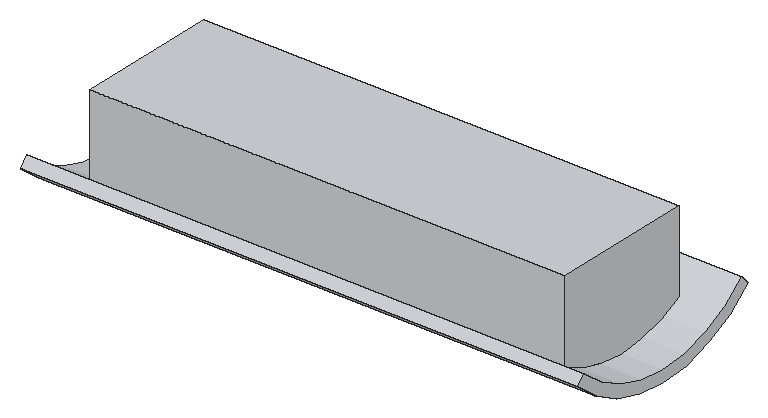
Revit family "462e9ad3b2a64391ba4112ecb8f73cee", category Air Terminals, Revit 2021
Family settings
  Round Connector Dimension = Use Diameter
  Part Type = Normal
  Work Plane-Based = No
  Always vertical = Yes
  Cut with Voids When Loaded = No
  Shared = No
  Room Calculation Point = No
Parameters (values of type "Standard")
  Width 4 = Duct Height * 0.25 * tan(asin(Duct Height * 0.25 / Radius 2) * 0.5)  # 0' - 0.08772"
  Width 2 = Panel Thickness * sin(Angle 3 * 0.5)  # 0' - 0.17308"
  Width 1 = Duct Height * 0.25  # 0' - 0 3/4"
  Radius 2 = Radius 1 + Panel Thickness  # 0' - 3 1/4"
  Radius 1 = Duct Diameter * 0.5  # 0' - 3"
  Radius = (Duct Height * 0.5) / cos(Angle 1) / sin(Angle 1)  # 0' - 3.18382"
  Pressure Drop [instance] = 0.017 in-wg
  Panel Thickness = 0' - 0 1/4"  # constant formula
  Length 1 = Duct Width * 0.25  # 0' - 2 1/2"
  Width 3 = Duct Height * 0.5 * tan(asin(Duct Height * 0.5 / Radius 2) * 0.5)  # 0' - 0.36686"
  Height 1 = if(Height > Grille Height - Panel Thickness, Height + 0' 1", Grille Height)  # 0' - 2 3/8"
  Height = Duct Height * 0.5 * tan(asin(Duct Height * 0.5 / (Duct Diameter * 0.5 - Panel Thickness)) * 0.5)  # 0' - 0.44511"
  Grille Material = none
  Duct Width = 10"
  Duct Height = 3"
  Grille Width = Duct Height + 0' 1 1/2"  # 0' - 4 1/2"
  Duct Diameter = 0' - 6"
  Grille Length = Duct Width + 0' 1 3/4"  # 0' - 11 3/4"
  Grille Height = 0' - 2 3/8"  # constant formula
  Default Elevation = 0' - 0"
  Angle 3 = asin((Grille Width * 0.5) / Radius 2) * 2  # 87.6261°
  Angle 2 = atan(Width 3 / (Duct Height * 0.5)) * 4  # 54.9729°
  Angle 1 = atan((Grille Height - Panel Thickness) / (Duct Height * 0.5))  # 54.7824°
  Air Flow [instance] = 300 CFM
Reference planes (in)
  plane 1 "Center (Front/Back)": y = 0
  plane 2: z = 0
  plane 3 "Center (Left/Right)": x = 0
  plane 4: z = 2.125
  plane 5: z = -0.25
  plane 6: x = -5
  plane 7: x = 5
  plane 8: y = 1.5
  plane 9: y = -1.5
  plane 10: z = 3
  plane 11: x = 5.875
  plane 12: x = -5.875
  plane 13: y = 2.25
  plane 14: y = -2.25
  plane 15: x = -2.5
  plane 16: x = 2.5
  plane 17: y = 0.75
  plane 18: y = -0.75
  plane 19: z = 0.11686
  plane 20: z = 0.1914
  plane 21: z = -0.16228
  plane 22: z = 0.44511
  plane 23: y = 2.07692
  plane 24: y = -2.07692
Forms (in)
  Extrusion 1, solid, material <- "Grille Material"
    sketch origin (5, -180, 102.71882) x (0, 0, 1) y (0, -1, 0)
      loop
        line (-100.59382, -181.5) -> (-100.59382, -178.5) -> (-102.3169, -178.5)
        arc (-102.3169, -178.5) -> (-102.71882, -180) -> (-102.3169, -181.5) r 3
        line (-102.3169, -181.5) -> (-100.59382, -181.5)
    from -10 to 0
  Extrusion 2, solid, material <- "Grille Material"
    sketch origin (5, -180, 102.71882) x (0, 0, 1) y (0, -1, 0)
      loop
        line (-102.0644, -182.24962) -> (-101.88398, -182.07656)
        arc (-101.88398, -182.07656) -> (-102.71882, -179.99949) -> (-101.88328, -177.92271) r 3
        line (-101.88328, -177.92271) -> (-102.06366, -177.74962)
        arc (-102.06366, -177.74962) -> (-102.96882, -179.99947) -> (-102.0644, -182.24962) r 3.25
    from -10.875 to 0.875
Cuts and joins
  joined: Extrusion 1, Extrusion 2
Lines and regions (in)
  model lines
    curve 1: arc (2.5, 1.5, 0.11686) -> (2.5, 0, -0.25) -> (2.5, -1.5, 0.11686) r 3.25
    curve 2: arc (5, 1.5, 0.11686) -> (5, 0, -0.25) -> (5, -1.5, 0.11686) r 3.25
    curve 3: line (-5, 0, -0.25) -> (5, 0, -0.25)
    curve 4: line (-5, 0.75, -0.16228) -> (5, 0.75, -0.16228)
    curve 5: line (-5, -0.75, -0.16228) -> (5, -0.75, -0.16228)
    curve 6: line (5, 1.5, 0.11686) -> (-5, 1.5, 0.11686)
    curve 7: line (5, -1.5, 0.11686) -> (-5, -1.5, 0.11686)
    curve 18: arc (0, -1.5, 0.11686) -> (0, 0, -0.25) -> (0, 1.5, 0.11686) r 3.25
    curve 19: arc (-2.5, -1.5, 0.11686) -> (-2.5, 0, -0.25) -> (-2.5, 1.5, 0.11686) r 3.25
    curve 20: arc (-5, 1.5, 0.11686) -> (-5, 0, -0.25) -> (-5, -1.5, 0.11686) r 3.25
  symbolic lines
    curve 8: line (-5, 0, 0.11686) -> (5, 0, 0.11686)
    curve 9: line (-5, 0.75, 0.11686) -> (5, 0.75, 0.11686)
    curve 10: line (-5, -0.75, 0.11686) -> (5, -0.75, 0.11686)
    curve 11: line (0, 1.5, 0.11686) -> (0, -1.5, 0.11686)
    curve 12: line (2.5, 1.5, 0.11686) -> (2.5, -1.5, 0.11686)
    curve 13: line (-2.5, 1.5, 0.11686) -> (-2.5, -1.5, 0.11686)
    curve 14: line (-5.875, 2.25, 0.11686) -> (5.875, 2.25, 0.11686)
    curve 15: line (-5.875, -2.25, 0.11686) -> (-5.875, 2.25, 0.11686)
    curve 16: line (5.875, -2.25, 0.11686) -> (-5.875, -2.25, 0.11686)
    curve 17: line (5.875, 2.25, 0.11686) -> (5.875, -2.25, 0.11686)
Dimensions and locks (in)
  equal spacing: plane 8, plane 1 "Center (Front/Back)", plane 9
  "Duct Height": plane 8 to plane 9
  equal spacing: plane 6, plane 3 "Center (Left/Right)", plane 7
  "Duct Width": plane 6 to plane 7
  equal spacing: plane 13, plane 1 "Center (Front/Back)", plane 14
  "Grille Width": plane 13 to plane 14
  "Panel Thickness": plane 2 to plane 5
  "Height 1": plane 4 to plane 5
  "Radius 1": plane 10 to plane 2
  equal spacing: plane 12, plane 3 "Center (Left/Right)", plane 11
  "Grille Length": plane 12 to plane 11
  "Length 1": plane 15 to plane 3 "Center (Left/Right)"
  "Length 1": plane 3 "Center (Left/Right)" to plane 16
  "Width 1": plane 17 to plane 1 "Center (Front/Back)"
  "Width 1": plane 1 "Center (Front/Back)" to plane 18
  "Width 3": plane 19 to plane 5
  "Width 4": plane 21 to plane 5
  "Height": plane 22 to plane 2
  "Width 2": plane 13 to plane 23
  "Width 2": plane 24 to plane 14
  "Radius 2": radius of curve 1
  "Radius 2": radius of curve 2
  "Radius 1": radius of Extrusion 1 sketch curve
  "Radius 2": radius of Extrusion 2 sketch curve
  "Radius 2": radius of curve 18
  "Radius 2": radius of curve 19
  "Radius 2": radius of curve 20
  "Radius 1": radius of Extrusion 2 sketch curve
  "Angle 2": angle curve 19 to curve 19
  "Angle 2": angle curve 20 to curve 20
  "Angle 2": angle curve 18 to curve 18
  "Angle 2": angle curve 1 to curve 1
  "Angle 2": angle curve 2 to curve 2
  "Angle 3": angle Extrusion 2 sketch curve to Extrusion 2 sketch curve
  aligned and locked: plane 2 to level
  aligned and locked: plane 10 to curve 1
  aligned and locked: plane 1 "Center (Front/Back)" to curve 1
  aligned and locked: plane 10 to curve 2
  aligned and locked: plane 1 "Center (Front/Back)" to curve 2
  aligned and locked: plane 7 to curve 3
  aligned and locked: plane 6 to curve 3
  aligned and locked: plane 1 "Center (Front/Back)" to curve 3
  aligned and locked: plane 7 to curve 5
  aligned and locked: plane 7 to curve 4
  aligned and locked: plane 6 to curve 4
  aligned and locked: plane 6 to curve 5
  aligned and locked: plane 18 to curve 5
  aligned and locked: curve 4 to plane 17
  aligned and locked: plane 6 to curve 6
  aligned and locked: plane 7 to curve 6
  aligned and locked: curve 7 to plane 9
  aligned and locked: plane 8 to curve 6
  aligned and locked: plane 6 to curve 8
  aligned and locked: plane 7 to curve 8
  aligned and locked: curve 9 to plane 17
  aligned and locked: plane 1 "Center (Front/Back)" to curve 8
  aligned and locked: plane 18 to curve 10
  aligned and locked: plane 8 to curve 11
  aligned and locked: plane 9 to curve 11
  aligned and locked: plane 16 to curve 12
  aligned and locked: curve 11 to plane 3 "Center (Left/Right)"
  aligned and locked: curve 13 to plane 15
  aligned and locked: curve 16 to plane 14
  aligned and locked: curve 17 to plane 11
  aligned and locked: curve 14 to plane 13
  aligned and locked: plane 12 to curve 15
  aligned and locked: plane 8 to Extrusion 1 sketch curve
  aligned and locked: Extrusion 1 sketch curve to plane 4
  aligned and locked: plane 4 to Extrusion 1 sketch curve
  aligned and locked: plane 10 to Extrusion 1 sketch curve
  aligned and locked: plane 1 "Center (Front/Back)" to Extrusion 1 sketch curve
  aligned and locked: Extrusion 1 sketch curve to plane 9
  aligned and locked: plane 10 to Extrusion 2 sketch curve  (x2)
  aligned and locked: plane 1 "Center (Front/Back)" to Extrusion 2 sketch curve  (x2)
  aligned and locked: Extrusion 2 to plane 12
  aligned and locked: plane 11 to Extrusion 2
  aligned and locked: Extrusion 1 to plane 6
  aligned and locked: plane 7 to Extrusion 1
  aligned and locked: plane 1 "Center (Front/Back)" to curve 18
  aligned and locked: plane 10 to curve 20
  aligned and locked: plane 1 "Center (Front/Back)" to curve 20
  aligned and locked: plane 10 to curve 19
  aligned and locked: plane 1 "Center (Front/Back)" to curve 19
Automatic sketch dimensions
  curve 7 to plane 7 = 0' - 0"
  curve 9 to plane 7 = 0' - 0"
  curve 10 to plane 7 = 0' - 0"
  curve 10 to plane 6 = 0' - 0"
  curve 7 to plane 6 = 0' - 0"
  curve 9 to plane 6 = 0' - 0"
  curve 18 to plane 9 = 0' - 0"
  curve 18 to plane 19 = 0' - 0"
  curve 20 to plane 8 = 0' - 0"
  curve 2 to plane 8 = 0' - 0"
  curve 1 to plane 8 = 0' - 0"
  curve 19 to plane 9 = 0' - 0"
  plane 24 to Extrusion 2 sketch curve = 0' - 0.00037"
  Extrusion 2 sketch curve to plane 23 = 0' - 0.00037"
  plane 14 to Extrusion 2 sketch curve = 0' - 0.00038"
Connectors (in)
  hvac at (0, 0, 2.125), driven by "Pressure Drop", driven by "Air Flow", driven by "Duct Height", driven by "Duct Width"
    settings: on cut or joined group of Extrusion 1, Extrusion 2, index 1, duct flow 300 CFM, flow factor 0, pres drop 0.017 in-wg, loss coef 0, conn angle 0.00°, conn width 10", conn height 3", conn diameter 24", duct sys type 1, conn prof type 1, flow config 1, flow direction 1, loss method 4, conn ref index -1, conn util no, is conn primary yes, conn desc "In"
